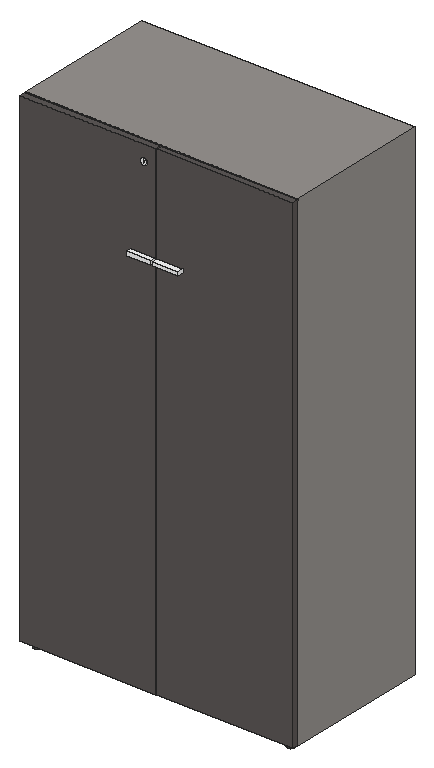
Revit family "Storage-Freestanding-Teknion-BSW_Wardrobe_Solid_Doors-R2019", category Furniture, Revit 2019
Family settings
  OmniClass Number = 23.40.20.00
  OmniClass Title = General Furniture and Specialties
  Work Plane-Based = No
  Always vertical = Yes
  Cut with Voids When Loaded = No
  Shared = Yes
  Room Calculation Point = No
Parameters (values of type "Has Pulls, Divided Style")
  Width [instance] = 36.000"
  Warranty = "http://www.teknion.com/ca/papers/legal-canada"
  Unit Weight URL = "http://www.teknion.com/ca/tools/assets#&asset=bee6a381-b954-425e-8283-5a2de3a804f2,f828d448-4b62-4231-9e5f-9a8991c0ed77"
  URL = "www.teknion.com"
  Touch-to-Open = not(Pulls)  # no
  Sustainability Data = "http://www.teknion.com/ca/tools/assets#&topic=216f99a5-57a0-44fc-b10a-9dee9b29ae4c&asset=444deb64-fe58-4b68-981e-f75e97781df7"
  Series = "Expansion Casegoods"  # constant formula
  Pulls = yes
  Pull Finish [instance] = Mica - Teknion - V - Satin - Very White
  Product Page URL = "https://www.teknion.com/ca/products/product-details?productlineid=0053336e-8e7a-673b-a6c8-ff00004460c4"
  Product Line = "Expansion Casegoods"  # constant formula
  Product Documentation Link = "https://www.teknion.com/pricing/expansion-casegoods/pdfs/BSWCS_ppg.pdf"
  Part Number = "BSWCS"  # constant formula
  Model = "BSWCSPD______"
  Manufacturer Phone = "416-661-3370"  # constant formula
  Manufacturer Fax = "416.661.4586"  # constant formula
  Manufacturer Contact Information = "http://www.teknion.com/ca/contactus"
  Manufacturer Address = "1150 Flint Road, Toronto, ON. M3J 2J5. Canada"  # constant formula
  Manufacturer = "Teknion"  # constant formula
  Height [instance] = 66.000"
  Door Front Finish [instance] = Veneer - Teknion - VB - Flintwood - Black Walnut
  Description = "Wardrobe Cabinet – Solid Doors, Pulls Storage Style, Divided Style"
  Depth [instance] = 20.000"
  Case Finish [instance] = Source Laminate - Teknion - DE - Latte
  Available Widths [instance] = "24, 30, or 36 inches."  # constant formula
  Available Heights [instance] = "66, 72, 81 inches."  # constant formula
  Available Depths [instance] = "18, 20, or 24 inches."  # constant formula
  Assembly Code = "E2020200"
  Actual Height [instance] = if(Height = 66.000", 65.354", if(Height = 72.000", 71.594", 80.728"))  # 65.354"
Types (5): name | Width | Touch-to-Open | Pulls | Model | Description | Depth
  (no name) | 36.000" | no | yes | "BSWCSPD______" | "Wardrobe Cabinet – Solid Doors, Pulls Storage Style, Divided Style" | 20.000"
  Has Pulls, Divided Style | 36.000" | no | yes | "BSWCSPD______" | "Wardrobe Cabinet – Solid Doors, Pulls Storage Style, Divided Style" | 20.000"
  Has Pulls, Undivided Style | 24.000" | no | yes | "BSWCSPU______" | "Wardrobe Cabinet – Solid Doors, Pulls Storage Style, Undivided Style" | 24.000"
  Has Touch-to-Open, Divided Style | 24.000" | yes | no | "BSWCSTD______" | "Wardrobe Cabinet – Solid Doors, Touch-to-Open Storage Style, Divided Style" | 24.000"
  Has Touch-to-Open, Undivided Style | 24.000" | yes | no | "BSWCSTU______" | "Wardrobe Cabinet – Solid Doors, Touch-to-Open Storage Style, Undivided Style" | 24.000"
Reference planes (in)
  plane 1 "Center Front/Back": y = -0.35039
  plane 2: z = 0
  plane 3 "Center Left/Right": x = 0
  plane 4 "Left": x = -18
  plane 5 "Right": x = 18
  plane 6 "Back": y = 9.64961
  plane 7 "Front": y = -10.35039
  plane 8 "Top": z = 65.354
  plane 9: y = -9.64961
  plane 10: z = 0.60236
  plane 11: z = 0.72047
  plane 12: z = 65.23589
  plane 13: x = -0.05906
  plane 14: x = 0.05906
  plane 15: y = -11.10236
  plane 16: x = -0.11811
  plane 17: x = 0.11811
  plane 18: x = -3.4
  plane 19: x = 3.4
  plane 20: z = 52.30315
  plane 21: z = 51.80315
  plane 22: y = -10.40945
  plane 23: y = -9.51181
Forms (in)
  Extrusion 1, solid, material "Source Laminate - Teknion - DE - Latte" <- "Case Finish"
    sketch origin (0, 0, 0) x (1, 0, 0) y (0, 1, 0)
      loop
        line (-18, 9.64961) -> (-18, -9.51181) -> (18, -9.51181) -> (18, 9.64961) -> (-18, 9.64961)
    from 0.60236 to 65.354
  Extrusion 2, solid, material "Veneer - Teknion - VB - Flintwood - Black Walnut" <- "Door Front Finish"
    sketch origin (0, -0.35039, 0) x (1, 0, 0) y (0, 0, 1)
      loop
        line (-18, 65.23589) -> (-18, 0.72047) -> (-0.05906, 0.72047) -> (-0.05906, 65.23589) -> (-18, 65.23589)
    from 9.29921 to 10
  Extrusion 3, solid, material "Veneer - Teknion - VB - Flintwood - Black Walnut" <- "Door Front Finish"
    sketch origin (0, -0.35039, 0) x (1, 0, 0) y (0, 0, 1)
      loop
        line (0.05906, 65.23589) -> (0.05906, 0.72047) -> (18, 0.72047) -> (18, 65.23589) -> (0.05906, 65.23589)
    from 9.29921 to 10
  Extrusion 4, solid, material "Mica - Teknion - V - Satin - Very White" <- "Pull Finish", visible <- "Pulls"
    sketch origin (0, 0, 0) x (1, 0, 0) y (0, 1, 0)
      loop
        line (-3.4, -11.10236) -> (-0.11811, -11.10236) -> (-0.11811, -10.35039) -> (-3.4, -10.35039) -> (-3.4, -11.10236)
      loop
        line (3.4, -11.10236) -> (3.4, -10.35039) -> (0.11811, -10.35039) -> (0.11811, -11.10236) -> (3.4, -11.10236)
    from 51.80315 to 52.30315
  Extrusion 5, solid, material "Mica - Teknion - V - Satin - Very White"
    sketch origin (0, -0.35039, 0) x (1, 0, 0) y (0, 0, 1)
      loop
        line (-1.68307, 63.37614) -> (-1.68307, 63.00213) -> (-1.58465, 63.00213) -> (-1.58465, 63.37614) -> (-1.68307, 63.37614)
      loop
        circle (-1.63386, 63.18914) r 0.39492
    from 10 to 10.05906
  Extrusion 6, solid, material "Plastic - Teknion - E - Ebony"
    sketch origin (0, 0, 0) x (1, 0, 0) y (0, 1, 0)
      loop
        circle (-16.74219, 8.3983) r 0.5
      loop
        circle (16.74219, 8.3983) r 0.5
      loop
        circle (-16.74219, -9.09909) r 0.5
      loop
        circle (16.74219, -9.09909) r 0.5
    from 0 to 0.60236
Lines and regions (in)
  Masking region 1
    outline origin (0, 0, 0) x (1, 0, 0) y (0, 1, 0)
      loop
        line (-18, 9.64961) -> (-18, -10.35039) -> (18, -10.35039) -> (18, 9.64961) -> (-18, 9.64961)
  Masking region 2, visible <- "Pulls"
    outline origin (0, 0, 0) x (1, 0, 0) y (0, 1, 0)
      loop
        line (-3.4, -11.10236) -> (-0.11811, -11.10236) -> (-0.11811, -10.35039) -> (-3.4, -10.35039) -> (-3.4, -11.10236)
      loop
        line (0.11811, -11.10236) -> (3.4, -11.10236) -> (3.4, -10.35039) -> (0.11811, -10.35039) -> (0.11811, -11.10236)
  Masking region 3
    outline origin (0, 0, 0) x (1, 0, 0) y (0, 1, 0)
      loop
        line (-2.02877, -10.35039) -> (-2.02877, -10.40945) -> (-1.23894, -10.40945) -> (-1.23894, -10.35039) -> (-2.02877, -10.35039)
  symbolic lines
    curve 1: line (-18, -9.64961, 0) -> (18, -9.64961, 0)
    curve 14: line (-0.05906, -9.64961, 0) -> (-0.05906, -10.35039, 0)
    curve 15: line (-0.05906, -10.35039, 0) -> (0.05906, -10.35039, 0)
    curve 16: line (0.05906, -10.35039, 0) -> (0.05906, -9.64961, 0)
  symbolic lines, style "FurnitureHiddenLines", detail levels fine
    curve 2: arc (-17.24219, 8.3983, 0) -> (-16.74219, 7.8983, 0) -> (-16.24219, 8.3983, 0) r 0.5
    curve 3: arc (-16.24219, 8.3983, 0) -> (-16.74219, 8.8983, 0) -> (-17.24219, 8.3983, 0) r 0.5
    curve 4: arc (16.24219, 8.3983, 0) -> (16.74219, 7.8983, 0) -> (17.24219, 8.3983, 0) r 0.5
    curve 5: arc (17.24219, 8.3983, 0) -> (16.74219, 8.8983, 0) -> (16.24219, 8.3983, 0) r 0.5
    curve 6: arc (17.24219, -9.09909, 0) -> (16.74219, -8.59909, 0) -> (16.24219, -9.09909, 0) r 0.5
    curve 7: arc (16.24219, -9.09909, 0) -> (16.74219, -9.59909, 0) -> (17.24219, -9.09909, 0) r 0.5
    curve 8: arc (-16.24219, -9.09909, 0) -> (-16.74219, -8.59909, 0) -> (-17.24219, -9.09909, 0) r 0.5
    curve 9: arc (-17.24219, -9.09909, 0) -> (-16.74219, -9.59909, 0) -> (-16.24219, -9.09909, 0) r 0.5
  reference lines, not visible
    curve 10: line (-18, 9.64961, 0) -> (-18, -10.35039, 0)
    curve 11: line (-18, 9.64961, 0) -> (18, 9.64961, 0)
    curve 12: line (18, 9.64961, 0) -> (18, -10.35039, 0)
    curve 13: line (-18, -10.35039, 0) -> (18, -10.35039, 0)
Dimensions and locks (in)
  equal spacing: plane 4 "Left", plane 3 "Center Left/Right", plane 5 "Right"
  equal spacing: plane 6 "Back", plane 1 "Center Front/Back", plane 7 "Front"
  "Actual Height": plane 8 "Top" to level
  "Depth": plane 6 "Back" to plane 7 "Front"
  "Width": plane 4 "Left" to plane 5 "Right"
  locked: plane 9 to plane 7 "Front" at 0.70079
  locked: plane 10 to plane 2 at 0.60236
  locked: plane 11 to plane 10 at 0.11811
  locked: plane 8 "Top" to plane 12 at 0.11811
  plane 14 to plane 3 "Center Left/Right" to plane 13 = 0.05906" locked, 0.05906" locked
  locked: plane 7 "Front" to plane 15 at 0.75197
  locked: plane 16 to plane 13 at 0.05906
  locked: plane 14 to plane 17 at 0.05906
  locked: plane 18 to plane 16 at 3.28189
  locked: plane 17 to plane 19 at 3.28189
  plane 20 to plane 21 to plane 2 = 0.500" locked, 51.80315" locked
  locked: plane 22 to plane 7 "Front" at 0.05906
  Extrusion 5 sketch curve to Extrusion 5 sketch curve to Extrusion 5 sketch curve to plane 16 = 0.04921" locked, 0.04921" locked, 1.46654" locked
  plane 8 "Top" to Extrusion 5 sketch curve to Extrusion 5 sketch curve to Extrusion 5 sketch curve = 1.97786" locked, 0.18701" locked, 0.18701" locked
  locked: plane 4 "Left" to Extrusion 6 sketch curve at 1.25781  (x2)
  locked: plane 6 "Back" to Extrusion 6 sketch curve at 1.25131  (x2)
  locked: Extrusion 6 sketch curve to plane 5 "Right" at 1.25781  (x2)
  locked: Extrusion 6 sketch curve to plane 9 at 0.55052  (x2)
  Masking region 3 sketch curve to Masking region 3 sketch curve to plane 16 = 0.78983" locked, 1.12083" locked
  locked: plane 23 to plane 7 "Front" at 0.83858
  aligned and locked: level to plane 2
  aligned and locked: Extrusion 1 sketch curve to plane 4 "Left"
  aligned and locked: Extrusion 1 sketch curve to plane 6 "Back"
  aligned and locked: plane 5 "Right" to Extrusion 1 sketch curve
  aligned and locked: Extrusion 2 sketch curve to plane 12
  aligned and locked: Extrusion 2 sketch curve to plane 4 "Left"
  aligned and locked: Extrusion 2 sketch curve to plane 13
  aligned and locked: Extrusion 2 sketch curve to plane 11
  aligned and locked: Extrusion 3 sketch curve to plane 12
  aligned and locked: Extrusion 3 sketch curve to plane 14
  aligned and locked: plane 5 "Right" to Extrusion 3 sketch curve
  aligned and locked: Extrusion 3 sketch curve to plane 11
  aligned and locked: plane 9 to Extrusion 2
  aligned and locked: Extrusion 3 to plane 9
  aligned and locked: Extrusion 2 to plane 7 "Front"
  aligned and locked: plane 7 "Front" to Extrusion 3
  aligned and locked: Extrusion 4 sketch curve to plane 15  (x2)
  aligned and locked: plane 18 to Extrusion 4 sketch curve
  aligned and locked: plane 7 "Front" to Extrusion 4 sketch curve  (x2)
  aligned and locked: plane 16 to Extrusion 4 sketch curve
  aligned and locked: plane 19 to Extrusion 4 sketch curve
  aligned and locked: plane 17 to Extrusion 4 sketch curve
  aligned and locked: plane 20 to Extrusion 4
  aligned and locked: Extrusion 4 to plane 21
  aligned and locked: plane 22 to Extrusion 5
  aligned and locked: Extrusion 5 to plane 7 "Front"
  aligned and locked: Extrusion 6 to plane 10
  aligned and locked: Extrusion 6 to plane 2
  aligned and locked: Masking region 1 sketch curve to plane 6 "Back"
  aligned and locked: Masking region 1 sketch curve to plane 4 "Left"
  aligned and locked: Masking region 1 sketch curve to plane 7 "Front"
  aligned and locked: plane 5 "Right" to Masking region 1 sketch curve
  aligned and locked: plane 18 to Masking region 2 sketch curve
  aligned and locked: plane 7 "Front" to Masking region 2 sketch curve  (x2)
  aligned and locked: plane 16 to Masking region 2 sketch curve
  aligned and locked: Masking region 2 sketch curve to plane 15  (x2)
  aligned and locked: plane 17 to Masking region 2 sketch curve
  aligned and locked: plane 19 to Masking region 2 sketch curve
  aligned and locked: Masking region 3 sketch curve to Extrusion 5  (x2)
  aligned and locked: curve 1 to plane 9
  aligned and locked: curve 2 to Extrusion 6
  aligned and locked: curve 3 to Extrusion 6
  aligned and locked: curve 4 to Extrusion 6
  aligned and locked: curve 5 to Extrusion 6
  aligned and locked: curve 6 to Extrusion 6
  aligned and locked: curve 7 to Extrusion 6
  aligned and locked: curve 8 to Extrusion 6
  aligned and locked: curve 9 to Extrusion 6
  aligned and locked: curve 10 to plane 4 "Left"
  aligned and locked: curve 11 to plane 6 "Back"
  aligned and locked: plane 5 "Right" to curve 12
  aligned and locked: curve 13 to plane 7 "Front"
  aligned and locked: Extrusion 1 to plane 8 "Top"
  aligned and locked: curve 16 to Extrusion 3
  aligned and locked: plane 7 "Front" to curve 16
  aligned and locked: plane 9 to curve 14
  aligned and locked: plane 7 "Front" to curve 14
Automatic sketch dimensions
  plane 9 to Extrusion 1 sketch curve = 0.1378"
  curve 1 to plane 4 "Left" = 0.000"
  curve 15 to plane 13 = 0.000"
  curve 1 to plane 5 "Right" = 0.000"
  radius of Extrusion 5 sketch curve = 0.39492"
  radius of Extrusion 6 sketch curve = 0.500"  (x4)
